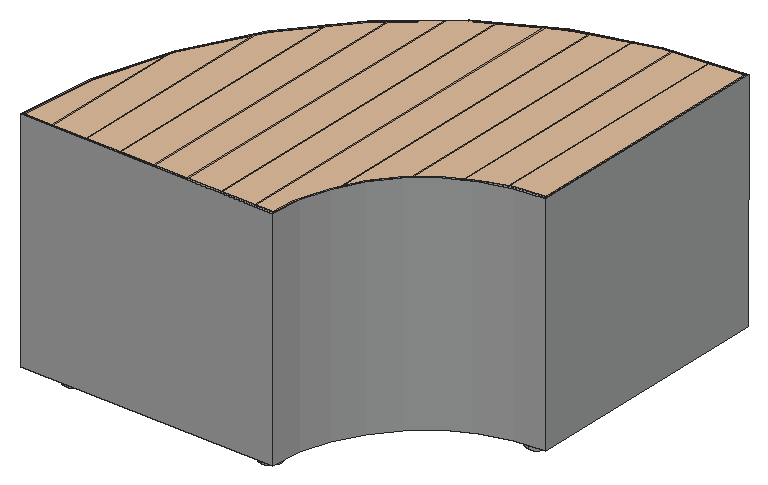
Revit family "1705M-S-L", category Meble, Revit 2021
Family settings
  Numer OmniClass = 23.40.20.00
  Tytuł OmniClass = General Furniture and Specialties
  Oparty na płaszczyźnie roboczej = Nie
  Zawsze pionowo = Tak
  Tnij formami wycięć po wczytaniu = Nie
  Współdzielony = Nie
  Punkt obliczania pomieszczeń = Nie
Parameters (values of type "1705M-S-L")
  wood = Mobilis Design Wood - Larch
  metal = Mobilis Design RAL 9023
  Width = "80 cm"
  Weight = "75 kg"
  URL = ""
  Product line = "DELPHINUS"
  Product Groups = ""
  Manufacturer = ""
  Keynote = ""
  Description = ""
  Model = "1705M-S-L"
  Material = ""
  Maintenance = ""
  Lenght = "80 cm"
  Type Comments = ""
  Mobilis Design Materials = ""
  Hosted on = ""
  Height = "48 cm"
  Domyślna rzędna = 0 mm
  Copyright = "DELPHINUS"
Reference planes
  plane 1 "front": y = 0
  plane 2: z = 0
  plane 3 "Środek (Lewa/Prawa)": x = 0
  plane 4 "left": x = -247.535
  plane 5 "back": y = 400
  plane 6: x = 264.233
  plane 7: z = 301.491
Forms (mm)
  Extrusion 1, solid, material "Mobilis Design RAL 9023" <- "metal", not visible
    sketch origin (0, 0, 0) x (0, 1, 0) y (0, 0, 1)
      loop
        arc (71.187, 451.5) -> (57.045, 445.642) -> (51.187, 431.5) r 20
        line (51.187, 431.5) -> (51.187, 18.231)
        arc (51.187, 18.231) -> (56.527, 5.34) -> (69.418, 0) r 18.231
        line (69.418, 0) -> (153.638, 0) -> (153.638, 15) -> (448.638, 15) -> (448.638, 0) -> (527.023, 0)
        arc (527.023, 0) -> (542.307, 6.331) -> (548.638, 21.615) r 21.615
        line (548.638, 21.615) -> (548.638, 429.407)
        arc (548.638, 429.407) -> (542.168, 445.029) -> (526.545, 451.5) r 22.093
        line (526.545, 451.5) -> (71.187, 451.5)
    from 750.378 to 745
  Extrusion 2, solid, material "Mobilis Design RAL 9023" <- "metal", not visible
    sketch origin (0, 0, 0) x (0, 1, 0) y (0, 0, 1)
      loop
        line (548.638, 396.844) -> (629.375, 854.725) -> (601.836, 859.581)
        arc (601.836, 859.581) -> (585.224, 855.898) -> (576.082, 841.547) r 22.232
        line (576.082, 841.547) -> (507.306, 451.5) -> (526.545, 451.5)
        arc (526.545, 451.5) -> (542.168, 445.029) -> (548.638, 429.407) r 22.093
        line (548.638, 429.407) -> (548.638, 396.844)
    from 745 to 750.378
  Extrusion 3, solid, material "Mobilis Design RAL 9023" <- "metal"
    sketch origin (0, 0, 0) x (1, 0, 0) y (0, 1, 0)
      loop
        line (-450, 0) -> (50, 0)
        arc (50, 0) -> (137.868, 212.132) -> (350, 300) r 300
        line (350, 300) -> (350, 800)
        arc (350, 800) -> (-215.685, 565.685) -> (-450, 0) r 800
      loop
        line (-446.994, 3) -> (47.015, 3)
        arc (47.015, 3) -> (135.747, 214.253) -> (347, 302.985) r 303
        line (347, 302.985) -> (347, 796.994)
        arc (347, 796.994) -> (-213.564, 563.564) -> (-446.994, 3) r 797
    from 30 to 477
  Extrusion 4, solid, material "Mobilis Design Wood - Larch" <- "wood"
    sketch origin (0, 0, 0) x (1, 0, 0) y (0, 1, 0)
      loop
        arc (-390.65, 292.593) -> (-431.958, 150.716) -> (-446.342, 3.65) r 796.35
        line (-446.342, 3.65) -> (-390.65, 3.65) -> (-390.65, 292.593)
      loop
        line (-388.65, 3.65) -> (-323.65, 3.65) -> (-323.65, 424.699)
        arc (-323.65, 424.699) -> (-359.003, 362.612) -> (-388.65, 297.606) r 796.35
        line (-388.65, 297.606) -> (-388.65, 3.65)
      loop
        line (-321.65, 3.65) -> (-256.65, 3.65) -> (-256.65, 515.896)
        arc (-256.65, 515.896) -> (-290.664, 472.993) -> (-321.65, 427.855) r 796.35
        line (-321.65, 427.855) -> (-321.65, 3.65)
      loop
        line (-254.65, 3.65) -> (-189.65, 3.65) -> (-189.65, 585.62)
        arc (-189.65, 585.62) -> (-223.141, 552.886) -> (-254.65, 518.239) r 796.35
        line (-254.65, 518.239) -> (-254.65, 3.65)
      loop
        line (-187.65, 3.65) -> (-122.65, 3.65) -> (-122.65, 640.918)
        arc (-122.65, 640.918) -> (-156.295, 615.58) -> (-187.65, 587.457) r 492.013
        line (-187.65, 587.457) -> (-187.65, 3.65)
      loop
        line (-120.65, 3.65) -> (-55.65, 3.65) -> (-55.65, 685.289)
        arc (-55.65, 685.289) -> (-89.327, 665.622) -> (-120.65, 642.388) r 355.852
        line (-120.65, 642.388) -> (-120.65, 3.65)
      loop
        line (-53.65, 3.65) -> (11.35, 3.65) -> (11.35, 720.756)
        arc (11.35, 720.756) -> (-21.864, 704.966) -> (-53.65, 686.469) r 441.859
        line (-53.65, 686.469) -> (-53.65, 3.65)
      loop
        line (13.35, 3.65) -> (46.372, 3.65)
        arc (46.372, 3.65) -> (54.883, 71.477) -> (78.35, 135.682) r 303.65
        line (78.35, 135.682) -> (78.35, 748.585)
        arc (78.35, 748.585) -> (45.276, 736.526) -> (13.35, 721.693) r 412.764
        line (13.35, 721.693) -> (13.35, 3.65)
      loop
        arc (80.35, 139.614) -> (109.691, 184.394) -> (145.35, 224.325) r 359.882
        line (145.35, 224.325) -> (145.35, 769.605)
        arc (145.35, 769.605) -> (112.633, 760.151) -> (80.35, 749.308) r 796.35
        line (80.35, 749.308) -> (80.35, 139.614)
      loop
        arc (147.35, 226.133) -> (178.779, 249.959) -> (212.35, 270.658) r 410.454
        line (212.35, 270.658) -> (212.35, 784.363)
        arc (212.35, 784.363) -> (179.701, 777.928) -> (147.35, 770.134) r 796.35
        line (147.35, 770.134) -> (147.35, 226.133)
      loop
        arc (214.35, 271.666) -> (246.174, 285.348) -> (279.35, 295.317) r 303.65
        line (279.35, 295.317) -> (279.35, 793.21)
        arc (279.35, 793.21) -> (246.763, 789.63) -> (214.35, 784.712) r 796.35
        line (214.35, 784.712) -> (214.35, 271.666)
      loop
        arc (281.35, 295.788) -> (313.638, 301.465) -> (346.35, 303.628) r 303.65
        line (346.35, 303.628) -> (346.35, 796.342)
        arc (346.35, 796.342) -> (313.82, 795.528) -> (281.35, 793.385) r 796.35
        line (281.35, 793.385) -> (281.35, 295.788)
    from 452 to 477
  Extrusion 5, solid, material "Mobilis Design RAL 9023" <- "metal"
    sketch origin (0, 0, 0) x (1, 0, 0) y (0, 1, 0)
      loop
        line (-360.621, 79.011) -> (-21.695, 79.011)
        arc (-21.695, 79.011) -> (81.298, 268.7) -> (270.986, 371.695) r 380
        line (270.986, 371.695) -> (270.986, 710.621)
        arc (270.986, 710.621) -> (-155.582, 505.58) -> (-360.621, 79.011) r 715
      loop
        arc (346.35, 796.342) -> (-213.104, 563.104) -> (-446.342, 3.65) r 796.35
        line (-446.342, 3.65) -> (46.372, 3.65)
        arc (46.372, 3.65) -> (135.287, 214.713) -> (346.35, 303.628) r 303.65
        line (346.35, 303.628) -> (346.35, 796.342)
    from 30 to 35
  Extrusion 6, solid, material "Mobilis Design RAL 9023" <- "metal"
    sketch origin (0, 0, 0) x (1, 0, 0) y (0, 1, 0)
      loop
        line (-405.778, 43.002) -> (9.706, 43.002)
        arc (9.706, 43.002) -> (107.463, 242.538) -> (307, 340.294) r 343
        line (307, 340.294) -> (307, 755.778)
        arc (307, 755.778) -> (-185.279, 535.28) -> (-405.778, 43.002) r 757
      loop
        line (-446.342, 3.65) -> (46.372, 3.65)
        arc (46.372, 3.65) -> (135.287, 214.713) -> (346.35, 303.628) r 303.65
        line (346.35, 303.628) -> (346.35, 796.342)
        arc (346.35, 796.342) -> (-213.104, 563.104) -> (-446.342, 3.65) r 796.35
    from 433 to 437
  Extrusion 7, solid, material "Mobilis Design Wood - Larch" <- "wood"
    sketch origin (0, 0, 0) x (1, 0, 0) y (0, 1, 0)
      loop
        line (-405.778, 43.002) -> (9.706, 43.002)
        arc (9.706, 43.002) -> (107.463, 242.538) -> (307, 340.294) r 343
        line (307, 340.294) -> (307, 755.778)
        arc (307, 755.778) -> (-185.279, 535.28) -> (-405.778, 43.002) r 757
      loop
        line (-446.342, 3.65) -> (46.372, 3.65)
        arc (46.372, 3.65) -> (135.287, 214.713) -> (346.35, 303.628) r 303.65
        line (346.35, 303.628) -> (346.35, 796.342)
        arc (346.35, 796.342) -> (-213.104, 563.104) -> (-446.342, 3.65) r 796.35
    from 437 to 452
  Extrusion 8, solid, material "Mobilis Design RAL 9023" <- "metal"
    sketch origin (0, 0, 0) x (1, 0, 0) y (0, 1, 0)
      loop
        circle (-288.504, 374.049) r 21.2
      loop
        circle (-387.738, 57.811) r 21.2
      loop
        circle (-0.329, 57.399) r 21.2
      loop
        circle (292.601, 350.329) r 21.2
      loop
        circle (-22.56, 639.374) r 21.2
      loop
        circle (292.186, 737.738) r 21.2
    from 0 to 30
Dimensions and locks
  aligned and locked: level to plane 2
